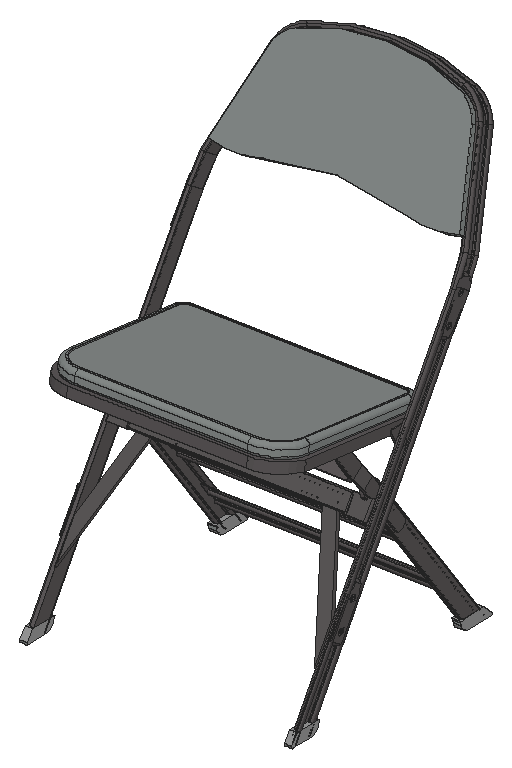
Revit family "FU_Chair_Sandler_2444USB", category Furniture, Revit 2022 (continued)
Definition of nested family "FrontFrame"
  Automatic sketch dimensions
    Extrusion 14 sketch curve to Extrusion 14 sketch curve = 9.891 mm  (x2)
    Extrusion 14 sketch curve to Extrusion 14 sketch curve = 2.042 mm  (x2)
    Extrusion 14 sketch curve to Extrusion 14 sketch curve = 6.092 mm  (x2)
    Extrusion 14 sketch curve to Extrusion 14 sketch curve = 21.319 mm
    Extrusion 14 sketch curve to Extrusion 14 sketch curve = 9.931 mm
    Extrusion 14 sketch curve to Extrusion 14 sketch curve = 1.398 mm
    Extrusion 1 sketch curve to Extrusion 1 sketch curve = 13.377 mm
    Extrusion 1 sketch curve to Extrusion 1 sketch curve = 4.601 mm
    Extrusion 2 sketch curve to Extrusion 2 sketch curve = 1.515 mm
    Extrusion 2 sketch curve to Extrusion 2 sketch curve = 5.727 mm
    Extrusion 2 sketch curve to Extrusion 2 sketch curve = 69.574 mm
    Sweep 3 sketch curve to Sweep 3 sketch curve = 410 mm
    Extrusion 6 sketch curve to Extrusion 6 sketch curve = 1.515 mm
    Extrusion 6 sketch curve to Extrusion 6 sketch curve = 5.727 mm
    Extrusion 6 sketch curve to Extrusion 6 sketch curve = 64.261 mm
    Extrusion 7 sketch curve to Extrusion 7 sketch curve = 1.835 mm
    Extrusion 8 sketch curve to Extrusion 8 sketch curve = 1.515 mm
    Extrusion 8 sketch curve to Extrusion 8 sketch curve = 5.727 mm
    Extrusion 11 sketch curve to Extrusion 11 sketch curve = 488.503 mm
    Extrusion 11 sketch curve to Extrusion 11 sketch curve = 151.589 mm
    Extrusion 11 sketch curve to Extrusion 11 sketch curve = 152.867 mm
    Extrusion 11 sketch curve to Extrusion 11 sketch curve = 140.346 mm  (x2)
    Extrusion 11 sketch curve to Extrusion 11 sketch curve = 45.182 mm
    Extrusion 11 sketch curve to Extrusion 11 sketch curve = 203.922 mm
    Extrusion 11 sketch curve to Extrusion 11 sketch curve = 221.043 mm
    Extrusion 11 sketch curve to Extrusion 11 sketch curve = 14.842 mm
    Extrusion 11 sketch curve to Extrusion 11 sketch curve = 43.697 mm
    Extrusion 11 sketch curve to Extrusion 11 sketch curve = 260.924 mm
    Extrusion 12 sketch curve to Extrusion 12 sketch curve = 6 mm
    Extrusion 12 sketch curve to Extrusion 12 sketch curve = 7.249 mm
    Extrusion 12 sketch curve to Extrusion 12 sketch curve = 13.981 mm
    Extrusion 12 sketch curve to Extrusion 12 sketch curve = 6.835 mm
    Extrusion 12 sketch curve to Extrusion 12 sketch curve = 6.987 mm
    Extrusion 12 sketch curve to Extrusion 12 sketch curve = 6.985 mm
    Extrusion 12 sketch curve to Extrusion 12 sketch curve = 7.001 mm
    Extrusion 12 sketch curve to Extrusion 12 sketch curve = 14.568 mm
    Extrusion 12 sketch curve to Extrusion 12 sketch curve = 7.599 mm
    Extrusion 12 sketch curve to Extrusion 12 sketch curve = 11.006 mm
    Extrusion 12 sketch curve to Extrusion 12 sketch curve = 50.663 mm
    Extrusion 13 sketch curve to Extrusion 13 sketch curve = 6 mm
    Extrusion 13 sketch curve to Extrusion 13 sketch curve = 7.249 mm
    Extrusion 13 sketch curve to Extrusion 13 sketch curve = 13.981 mm
    Extrusion 13 sketch curve to Extrusion 13 sketch curve = 6.835 mm
    Extrusion 13 sketch curve to Extrusion 13 sketch curve = 6.987 mm
    Extrusion 13 sketch curve to Extrusion 13 sketch curve = 6.985 mm
    Extrusion 13 sketch curve to Extrusion 13 sketch curve = 7.001 mm
    Extrusion 13 sketch curve to Extrusion 13 sketch curve = 14.568 mm
    Extrusion 13 sketch curve to Extrusion 13 sketch curve = 7.599 mm
    Extrusion 13 sketch curve to Extrusion 13 sketch curve = 51.913 mm
    Extrusion 13 sketch curve to Extrusion 13 sketch curve = 7.635 mm  (x2)
    Extrusion 14 sketch curve to Extrusion 14 sketch curve = 6 mm
    Extrusion 14 sketch curve to Extrusion 14 sketch curve = 7.249 mm
    Extrusion 14 sketch curve to Extrusion 14 sketch curve = 13.981 mm
    Extrusion 14 sketch curve to Extrusion 14 sketch curve = 6.985 mm
    Extrusion 14 sketch curve to Extrusion 14 sketch curve = 8.181 mm
    Extrusion 14 sketch curve to Extrusion 14 sketch curve = 7.749 mm
    Extrusion 14 sketch curve to Extrusion 14 sketch curve = 8.484 mm
    Extrusion 14 sketch curve to Extrusion 14 sketch curve = 14.568 mm
    Extrusion 14 sketch curve to Extrusion 14 sketch curve = 6.851 mm
    Extrusion 15 sketch curve to Extrusion 15 sketch curve = 6 mm
    Extrusion 15 sketch curve to Extrusion 15 sketch curve = 7.249 mm
    Extrusion 15 sketch curve to Extrusion 15 sketch curve = 13.981 mm
    Extrusion 15 sketch curve to Extrusion 15 sketch curve = 6.985 mm
    Extrusion 15 sketch curve to Extrusion 15 sketch curve = 7.001 mm
    Extrusion 15 sketch curve to Extrusion 15 sketch curve = 8.085 mm
    Extrusion 15 sketch curve to Extrusion 15 sketch curve = 8.862 mm
    Extrusion 15 sketch curve to Extrusion 15 sketch curve = 14.568 mm
    Extrusion 15 sketch curve to Extrusion 15 sketch curve = 14.6 mm
    Sweep 16 sketch curve to Sweep 16 sketch curve = 133.043 mm  (x2)
    Sweep 16 sketch curve to Sweep 16 sketch curve = 152.839 mm
    Sweep 16 sketch curve to Sweep 16 sketch curve = 3.116 mm
    Sweep 16 sketch curve to Sweep 16 sketch curve = 50.548 mm
    Sweep 16 sketch curve to Sweep 16 sketch curve = 50.721 mm
    Sweep 16 sketch curve to Sweep 16 sketch curve = 3.08 mm
    Sweep 16 sketch curve to Sweep 16 sketch curve = 541.957 mm
    Extrusion 17 sketch curve to Extrusion 17 sketch curve = 488.503 mm
    Extrusion 17 sketch curve to Extrusion 17 sketch curve = 151.589 mm
    Extrusion 17 sketch curve to Extrusion 17 sketch curve = 152.867 mm
    Extrusion 17 sketch curve to Extrusion 17 sketch curve = 140.346 mm
    Extrusion 17 sketch curve to Extrusion 17 sketch curve = 139.068 mm
    Extrusion 17 sketch curve to Extrusion 17 sketch curve = 45.182 mm
    Extrusion 17 sketch curve to Extrusion 17 sketch curve = 203.922 mm
    Extrusion 17 sketch curve to Extrusion 17 sketch curve = 221.043 mm
    Extrusion 17 sketch curve to Extrusion 17 sketch curve = 14.842 mm
    Extrusion 17 sketch curve to Extrusion 17 sketch curve = 43.697 mm
    Extrusion 17 sketch curve to Extrusion 17 sketch curve = 260.924 mm
    Extrusion 17 sketch curve to Extrusion 17 sketch curve = 44.811 mm
    Extrusion 20 sketch curve to Extrusion 20 sketch curve = 13.377 mm
    Extrusion 20 sketch curve to Extrusion 20 sketch curve = 4.601 mm
    Extrusion 20 sketch curve to Extrusion 20 sketch curve = 7.966 mm
    Extrusion 20 sketch curve to Extrusion 20 sketch curve = 15.108 mm
    Extrusion 21 sketch curve to Extrusion 21 sketch curve = 1.83 mm
    Extrusion 21 sketch curve to Extrusion 21 sketch curve = 1.834 mm
    Extrusion 21 sketch curve to Extrusion 21 sketch curve = 1.833 mm
    Extrusion 21 sketch curve to Extrusion 21 sketch curve = 18.636 mm
    Extrusion 21 sketch curve to Extrusion 21 sketch curve = 0.881 mm
    Extrusion 21 sketch curve to Extrusion 21 sketch curve = 5.91 mm
    Extrusion 21 sketch curve to Extrusion 21 sketch curve = 0.629 mm
    Extrusion 21 sketch curve to Extrusion 21 sketch curve = 69.574 mm
    Extrusion 21 sketch curve to Extrusion 21 sketch curve = 2.63 mm
    Extrusion 21 sketch curve to Extrusion 21 sketch curve = 17.917 mm
    Extrusion 21 sketch curve to Extrusion 21 sketch curve = 0.879 mm
    Extrusion 21 sketch curve to Extrusion 21 sketch curve = 5.842 mm
    Extrusion 21 sketch curve to Extrusion 21 sketch curve = 0.057 mm
    Extrusion 21 sketch curve to Extrusion 21 sketch curve = 19.141 mm
    Extrusion 23 sketch curve to Extrusion 23 sketch curve = 34.859 mm
    Extrusion 23 sketch curve to Extrusion 23 sketch curve = 34.879 mm
    Extrusion 24 sketch curve to Extrusion 24 sketch curve = 32.313 mm
    Extrusion 24 sketch curve to Extrusion 24 sketch curve = 34.879 mm
    Extrusion 25 sketch curve to Extrusion 25 sketch curve = 1.83 mm
    Extrusion 25 sketch curve to Extrusion 25 sketch curve = 1.834 mm
    Extrusion 25 sketch curve to Extrusion 25 sketch curve = 1.833 mm
    Extrusion 25 sketch curve to Extrusion 25 sketch curve = 1.397 mm
    Extrusion 25 sketch curve to Extrusion 25 sketch curve = 1.835 mm
    Extrusion 25 sketch curve to Extrusion 25 sketch curve = 19.141 mm
    Extrusion 25 sketch curve to Extrusion 25 sketch curve = 0.057 mm
    Extrusion 25 sketch curve to Extrusion 25 sketch curve = 4.964 mm
    Extrusion 25 sketch curve to Extrusion 25 sketch curve = 0.879 mm
    Extrusion 25 sketch curve to Extrusion 25 sketch curve = 17.917 mm
    Extrusion 25 sketch curve to Extrusion 25 sketch curve = 2.63 mm
    Extrusion 25 sketch curve to Extrusion 25 sketch curve = 64.261 mm
    Extrusion 25 sketch curve to Extrusion 25 sketch curve = 0.629 mm
    Extrusion 25 sketch curve to Extrusion 25 sketch curve = 5.657 mm
    Extrusion 25 sketch curve to Extrusion 25 sketch curve = 0.881 mm
    Extrusion 25 sketch curve to Extrusion 25 sketch curve = 18.636 mm
    Extrusion 26 sketch curve to Extrusion 26 sketch curve = 1.833 mm  (x2)
    Extrusion 26 sketch curve to Extrusion 26 sketch curve = 19.886 mm
    Extrusion 26 sketch curve to Extrusion 26 sketch curve = 1.194 mm
    Extrusion 26 sketch curve to Extrusion 26 sketch curve = 5.91 mm
    Extrusion 26 sketch curve to Extrusion 26 sketch curve = 0.941 mm
    Extrusion 26 sketch curve to Extrusion 26 sketch curve = 65.328 mm
    Extrusion 26 sketch curve to Extrusion 26 sketch curve = 23.43 mm
    Extrusion 26 sketch curve to Extrusion 26 sketch curve = 1.57 mm
    Extrusion 26 sketch curve to Extrusion 26 sketch curve = 5.683 mm
    Extrusion 26 sketch curve to Extrusion 26 sketch curve = 1.19 mm
    Extrusion 26 sketch curve to Extrusion 26 sketch curve = 19.89 mm
    Extrusion 27 sketch curve to Extrusion 27 sketch curve = 1.83 mm
    Extrusion 27 sketch curve to Extrusion 27 sketch curve = 1.834 mm
    Extrusion 27 sketch curve to Extrusion 27 sketch curve = 1.833 mm
    Extrusion 27 sketch curve to Extrusion 27 sketch curve = 1.308 mm
    Extrusion 27 sketch curve to Extrusion 27 sketch curve = 1.835 mm
    Extrusion 27 sketch curve to Extrusion 27 sketch curve = 19.141 mm
    Extrusion 27 sketch curve to Extrusion 27 sketch curve = 0.057 mm
    Extrusion 27 sketch curve to Extrusion 27 sketch curve = 4.902 mm
    Extrusion 27 sketch curve to Extrusion 27 sketch curve = 0.94 mm
    Extrusion 27 sketch curve to Extrusion 27 sketch curve = 21.667 mm
    Extrusion 27 sketch curve to Extrusion 27 sketch curve = 2.63 mm
    Extrusion 27 sketch curve to Extrusion 27 sketch curve = 64.261 mm
    Extrusion 27 sketch curve to Extrusion 27 sketch curve = 0.629 mm
    Extrusion 27 sketch curve to Extrusion 27 sketch curve = 5.657 mm
    Extrusion 27 sketch curve to Extrusion 27 sketch curve = 0.881 mm
    Extrusion 27 sketch curve to Extrusion 27 sketch curve = 18.636 mm
    Revolve 28 sketch curve to Revolve 28 sketch curve = 3.698 mm
    Revolve 28 sketch curve to Revolve 28 sketch curve = 3.089 mm
    Revolve 28 sketch curve to Revolve 28 sketch curve = 2.087 mm
    Revolve 28 sketch curve to Revolve 28 sketch curve = 3.444 mm
    Revolve 28 sketch curve to Revolve 28 sketch curve = 0 mm  (x2)
    Revolve 28 sketch curve to Revolve 28 sketch curve = 2.119 mm
    Revolve 29 sketch curve to Revolve 29 sketch curve = 3.698 mm
    Revolve 29 sketch curve to Revolve 29 sketch curve = 3.089 mm
    Revolve 29 sketch curve to Revolve 29 sketch curve = 2.087 mm
    Revolve 29 sketch curve to Revolve 29 sketch curve = 3.444 mm
    Revolve 29 sketch curve to Revolve 29 sketch curve = 0 mm  (x2)
    Revolve 29 sketch curve to Revolve 29 sketch curve = 2.119 mm
    Extrusion 30 sketch curve to Extrusion 30 sketch curve = 0 mm  (x6)
    Extrusion 30 sketch curve to Extrusion 30 sketch curve = 488.503 mm
    Extrusion 30 sketch curve to Extrusion 30 sketch curve = 151.589 mm
    Extrusion 30 sketch curve to Extrusion 30 sketch curve = 152.867 mm
    Extrusion 30 sketch curve to Extrusion 30 sketch curve = 140.346 mm
    Extrusion 30 sketch curve to Extrusion 30 sketch curve = 139.068 mm
    Extrusion 30 sketch curve to Extrusion 30 sketch curve = 15.33 mm  (x2)
    Extrusion 30 sketch curve to Extrusion 30 sketch curve = 38.129 mm  (x2)
    Extrusion 30 sketch curve to Extrusion 30 sketch curve = 1.514 mm
    Extrusion 30 sketch curve to Extrusion 30 sketch curve = 52.82 mm
    Extrusion 30 sketch curve to Extrusion 30 sketch curve = 24.558 mm
    Extrusion 31 sketch curve to Extrusion 31 sketch curve = 6 mm
    Extrusion 31 sketch curve to Extrusion 31 sketch curve = 7.249 mm
    Extrusion 31 sketch curve to Extrusion 31 sketch curve = 7.396 mm  (x2)
    Extrusion 31 sketch curve to Extrusion 31 sketch curve = 13.981 mm
    Extrusion 31 sketch curve to Extrusion 31 sketch curve = 0.748 mm  (x2)
    Extrusion 31 sketch curve to Extrusion 31 sketch curve = 6.835 mm
    Extrusion 31 sketch curve to Extrusion 31 sketch curve = 6.987 mm
    Extrusion 31 sketch curve to Extrusion 31 sketch curve = 6.985 mm
    Extrusion 31 sketch curve to Extrusion 31 sketch curve = 7.001 mm
    Extrusion 31 sketch curve to Extrusion 31 sketch curve = 14.568 mm
    Extrusion 31 sketch curve to Extrusion 31 sketch curve = 7.599 mm
    Extrusion 31 sketch curve to Extrusion 31 sketch curve = 0.585 mm
    Extrusion 31 sketch curve to Extrusion 31 sketch curve = 13.997 mm
    Extrusion 31 sketch curve to Extrusion 31 sketch curve = 2.648 mm
    Extrusion 31 sketch curve to Extrusion 31 sketch curve = 17.516 mm
    Extrusion 31 sketch curve to Extrusion 31 sketch curve = 12.484 mm
    Extrusion 31 sketch curve to Extrusion 31 sketch curve = 0 mm
    Extrusion 31 sketch curve to Extrusion 31 sketch curve = 6.092 mm  (x2)
    Extrusion 31 sketch curve to Extrusion 31 sketch curve = 2.042 mm  (x2)
    Extrusion 31 sketch curve to Extrusion 31 sketch curve = 19.856 mm
    Extrusion 31 sketch curve to Extrusion 31 sketch curve = 50.663 mm
    Extrusion 31 sketch curve to Extrusion 31 sketch curve = 8.885 mm  (x2)
    Extrusion 31 sketch curve to Extrusion 31 sketch curve = 2.121 mm  (x2)
    Extrusion 31 sketch curve to Extrusion 31 sketch curve = 4.735 mm  (x2)
    Extrusion 31 sketch curve to Extrusion 31 sketch curve = 16.172 mm
    Extrusion 31 sketch curve to Extrusion 31 sketch curve = 10.146 mm
    Extrusion 31 sketch curve to Extrusion 31 sketch curve = 6.33 mm
    Extrusion 32 sketch curve to Extrusion 32 sketch curve = 6 mm
    Extrusion 32 sketch curve to Extrusion 32 sketch curve = 7.249 mm
    Extrusion 32 sketch curve to Extrusion 32 sketch curve = 7.396 mm  (x2)
    Extrusion 32 sketch curve to Extrusion 32 sketch curve = 13.981 mm
    Extrusion 32 sketch curve to Extrusion 32 sketch curve = 0.748 mm  (x2)
    Extrusion 32 sketch curve to Extrusion 32 sketch curve = 6.835 mm
    Extrusion 32 sketch curve to Extrusion 32 sketch curve = 6.987 mm
    Extrusion 32 sketch curve to Extrusion 32 sketch curve = 6.985 mm
    Extrusion 32 sketch curve to Extrusion 32 sketch curve = 7.001 mm
    Extrusion 32 sketch curve to Extrusion 32 sketch curve = 14.568 mm
    Extrusion 32 sketch curve to Extrusion 32 sketch curve = 7.599 mm
    Extrusion 32 sketch curve to Extrusion 32 sketch curve = 0.585 mm
    Extrusion 32 sketch curve to Extrusion 32 sketch curve = 13.997 mm
    Extrusion 32 sketch curve to Extrusion 32 sketch curve = 2.648 mm
    Extrusion 32 sketch curve to Extrusion 32 sketch curve = 16.266 mm
    Extrusion 32 sketch curve to Extrusion 32 sketch curve = 13.734 mm
    Extrusion 32 sketch curve to Extrusion 32 sketch curve = 0 mm
    Extrusion 32 sketch curve to Extrusion 32 sketch curve = 6.092 mm  (x2)
    Extrusion 32 sketch curve to Extrusion 32 sketch curve = 2.042 mm  (x2)
    Extrusion 32 sketch curve to Extrusion 32 sketch curve = 19.856 mm
    Extrusion 32 sketch curve to Extrusion 32 sketch curve = 51.913 mm
    Extrusion 32 sketch curve to Extrusion 32 sketch curve = 7.635 mm  (x2)
    Extrusion 32 sketch curve to Extrusion 32 sketch curve = 2.121 mm  (x2)
    Extrusion 32 sketch curve to Extrusion 32 sketch curve = 4.735 mm  (x2)
    Extrusion 32 sketch curve to Extrusion 32 sketch curve = 16.172 mm
    Extrusion 32 sketch curve to Extrusion 32 sketch curve = 10.146 mm
    Extrusion 32 sketch curve to Extrusion 32 sketch curve = 6.33 mm
    Extrusion 33 sketch curve to Extrusion 33 sketch curve = 6 mm
    Extrusion 33 sketch curve to Extrusion 33 sketch curve = 7.249 mm
    Extrusion 33 sketch curve to Extrusion 33 sketch curve = 7.396 mm  (x2)
    Extrusion 33 sketch curve to Extrusion 33 sketch curve = 13.981 mm
    Extrusion 33 sketch curve to Extrusion 33 sketch curve = 0.748 mm  (x2)
    Extrusion 33 sketch curve to Extrusion 33 sketch curve = 6.985 mm
    Extrusion 33 sketch curve to Extrusion 33 sketch curve = 8.181 mm
    Extrusion 33 sketch curve to Extrusion 33 sketch curve = 7.749 mm
    Extrusion 33 sketch curve to Extrusion 33 sketch curve = 8.484 mm
    Extrusion 33 sketch curve to Extrusion 33 sketch curve = 14.568 mm
    Extrusion 33 sketch curve to Extrusion 33 sketch curve = 6.851 mm
    Extrusion 33 sketch curve to Extrusion 33 sketch curve = 0.585 mm
    Extrusion 33 sketch curve to Extrusion 33 sketch curve = 13.997 mm
    Extrusion 33 sketch curve to Extrusion 33 sketch curve = 1.398 mm
    Extrusion 33 sketch curve to Extrusion 33 sketch curve = 9.931 mm
    Extrusion 33 sketch curve to Extrusion 33 sketch curve = 21.319 mm
    Extrusion 33 sketch curve to Extrusion 33 sketch curve = 0 mm
    Extrusion 33 sketch curve to Extrusion 33 sketch curve = 6.092 mm  (x2)
    Extrusion 33 sketch curve to Extrusion 33 sketch curve = 2.042 mm  (x2)
    Extrusion 33 sketch curve to Extrusion 33 sketch curve = 11.933 mm
    Extrusion 33 sketch curve to Extrusion 33 sketch curve = 51.007 mm
    Extrusion 33 sketch curve to Extrusion 33 sketch curve = 16.465 mm  (x2)
    Extrusion 33 sketch curve to Extrusion 33 sketch curve = 2.121 mm  (x2)
    Extrusion 33 sketch curve to Extrusion 33 sketch curve = 4.735 mm  (x2)
    Extrusion 33 sketch curve to Extrusion 33 sketch curve = 8.575 mm
    Extrusion 33 sketch curve to Extrusion 33 sketch curve = 11.492 mm
    Extrusion 33 sketch curve to Extrusion 33 sketch curve = 12.58 mm
    Extrusion 34 sketch curve to Extrusion 34 sketch curve = 6 mm
    Extrusion 34 sketch curve to Extrusion 34 sketch curve = 7.249 mm
    Extrusion 34 sketch curve to Extrusion 34 sketch curve = 7.396 mm  (x2)
    Extrusion 34 sketch curve to Extrusion 34 sketch curve = 13.981 mm
    Extrusion 34 sketch curve to Extrusion 34 sketch curve = 0.748 mm  (x2)
    Extrusion 34 sketch curve to Extrusion 34 sketch curve = 6.985 mm
    Extrusion 34 sketch curve to Extrusion 34 sketch curve = 7.001 mm
    Extrusion 34 sketch curve to Extrusion 34 sketch curve = 8.085 mm
    Extrusion 34 sketch curve to Extrusion 34 sketch curve = 8.862 mm
    Extrusion 34 sketch curve to Extrusion 34 sketch curve = 14.568 mm
    Extrusion 34 sketch curve to Extrusion 34 sketch curve = 14.6 mm
    Extrusion 34 sketch curve to Extrusion 34 sketch curve = 0.585 mm
    Extrusion 34 sketch curve to Extrusion 34 sketch curve = 13.997 mm
    Extrusion 34 sketch curve to Extrusion 34 sketch curve = 2.648 mm
    Extrusion 34 sketch curve to Extrusion 34 sketch curve = 8.766 mm
    Extrusion 34 sketch curve to Extrusion 34 sketch curve = 21.234 mm
    Extrusion 34 sketch curve to Extrusion 34 sketch curve = 0 mm
    Extrusion 34 sketch curve to Extrusion 34 sketch curve = 6.092 mm  (x2)
    Extrusion 34 sketch curve to Extrusion 34 sketch curve = 2.042 mm  (x2)
    Extrusion 34 sketch curve to Extrusion 34 sketch curve = 12.356 mm
    Extrusion 34 sketch curve to Extrusion 34 sketch curve = 50.663 mm
    Extrusion 34 sketch curve to Extrusion 34 sketch curve = 16.385 mm  (x2)
    Extrusion 34 sketch curve to Extrusion 34 sketch curve = 2.121 mm  (x2)
    Extrusion 34 sketch curve to Extrusion 34 sketch curve = 4.735 mm  (x2)
    Extrusion 34 sketch curve to Extrusion 34 sketch curve = 9.297 mm
    Extrusion 34 sketch curve to Extrusion 34 sketch curve = 17.021 mm
    Extrusion 34 sketch curve to Extrusion 34 sketch curve = 6.33 mm
    Sweep 35 sketch curve to Sweep 35 sketch curve = 133.043 mm  (x2)
    Sweep 35 sketch curve to Sweep 35 sketch curve = 52.193 mm
    Sweep 35 sketch curve to Sweep 35 sketch curve = 52.805 mm
    Sweep 35 sketch curve to Sweep 35 sketch curve = 152.839 mm
    Sweep 35 sketch curve to Sweep 35 sketch curve = 153.452 mm
    Sweep 35 sketch curve to Sweep 35 sketch curve = 26.494 mm  (x2)
    Sweep 35 sketch curve to Sweep 35 sketch curve = 63.864 mm  (x2)
    Sweep 35 sketch curve to Sweep 35 sketch curve = 566.957 mm
    Sweep 35 sketch curve to Sweep 35 sketch curve = 0 mm  (x2)
    Extrusion 36 sketch curve to Extrusion 36 sketch curve = 0 mm  (x6)
    Extrusion 36 sketch curve to Extrusion 36 sketch curve = 488.503 mm
    Extrusion 36 sketch curve to Extrusion 36 sketch curve = 151.589 mm
    Extrusion 36 sketch curve to Extrusion 36 sketch curve = 152.867 mm
    Extrusion 36 sketch curve to Extrusion 36 sketch curve = 140.346 mm
    Extrusion 36 sketch curve to Extrusion 36 sketch curve = 139.068 mm
    Extrusion 36 sketch curve to Extrusion 36 sketch curve = 15.33 mm  (x2)
    Extrusion 36 sketch curve to Extrusion 36 sketch curve = 38.129 mm  (x2)
    Extrusion 36 sketch curve to Extrusion 36 sketch curve = 1.514 mm
    Extrusion 36 sketch curve to Extrusion 36 sketch curve = 52.82 mm
    Extrusion 36 sketch curve to Extrusion 36 sketch curve = 24.558 mm
    Extrusion 37 sketch curve to Extrusion 37 sketch curve = 80 mm
    Extrusion 38 sketch curve to Extrusion 38 sketch curve = 80 mm
    Extrusion 21 sketch curve to Extrusion 21 sketch curve = 0.492 mm
    Extrusion 21 sketch curve to Extrusion 21 sketch curve = 1.515 mm
    Extrusion 21 sketch curve to Extrusion 21 sketch curve = 5.727 mm
    Extrusion 21 sketch curve to Extrusion 21 sketch curve = 1.397 mm
    Extrusion 21 sketch curve to Extrusion 21 sketch curve = 1.835 mm
    Sweep 22 sketch curve to Sweep 22 sketch curve = 410 mm
    Extrusion 25 sketch curve to Extrusion 25 sketch curve = 0.492 mm
    Extrusion 25 sketch curve to Extrusion 25 sketch curve = 1.515 mm
    Extrusion 25 sketch curve to Extrusion 25 sketch curve = 5.727 mm
    Extrusion 26 sketch curve to Extrusion 26 sketch curve = 0 mm
    Extrusion 26 sketch curve to Extrusion 26 sketch curve = 5.408 mm
    Extrusion 26 sketch curve to Extrusion 26 sketch curve = 1.835 mm
    Extrusion 27 sketch curve to Extrusion 27 sketch curve = 0.492 mm
    Extrusion 27 sketch curve to Extrusion 27 sketch curve = 1.515 mm
    Extrusion 27 sketch curve to Extrusion 27 sketch curve = 5.727 mm
    Extrusion 30 sketch curve to Extrusion 30 sketch curve = 45.182 mm
    Extrusion 30 sketch curve to Extrusion 30 sketch curve = 203.922 mm
    Extrusion 30 sketch curve to Extrusion 30 sketch curve = 221.043 mm
    Extrusion 30 sketch curve to Extrusion 30 sketch curve = 14.842 mm
    Extrusion 30 sketch curve to Extrusion 30 sketch curve = 43.697 mm
    Extrusion 30 sketch curve to Extrusion 30 sketch curve = 260.924 mm
    Extrusion 30 sketch curve to Extrusion 30 sketch curve = 45.919 mm
    Extrusion 30 sketch curve to Extrusion 30 sketch curve = 44.811 mm
    Sweep 35 sketch curve to Sweep 35 sketch curve = 3.116 mm
    Sweep 35 sketch curve to Sweep 35 sketch curve = 50.548 mm
    Sweep 35 sketch curve to Sweep 35 sketch curve = 236.172 mm
    Sweep 35 sketch curve to Sweep 35 sketch curve = 237.286 mm
    Sweep 35 sketch curve to Sweep 35 sketch curve = 50.721 mm
    Sweep 35 sketch curve to Sweep 35 sketch curve = 3.08 mm
    Extrusion 36 sketch curve to Extrusion 36 sketch curve = 45.182 mm
    Extrusion 36 sketch curve to Extrusion 36 sketch curve = 203.922 mm
    Extrusion 36 sketch curve to Extrusion 36 sketch curve = 221.043 mm
    Extrusion 36 sketch curve to Extrusion 36 sketch curve = 14.842 mm
    Extrusion 36 sketch curve to Extrusion 36 sketch curve = 43.697 mm
    Extrusion 36 sketch curve to Extrusion 36 sketch curve = 260.924 mm
    Extrusion 36 sketch curve to Extrusion 36 sketch curve = 45.919 mm
    Extrusion 36 sketch curve to Extrusion 36 sketch curve = 44.811 mm
    Extrusion 37 sketch curve to Extrusion 37 sketch curve = 30 mm
    Extrusion 38 sketch curve to Extrusion 38 sketch curve = 30 mm
    Extrusion 18 sketch curve to level = 0 mm
    Extrusion 18 sketch curve to plane 7 "Front" = 10.54 mm
    Extrusion 18 sketch curve to level = 30 mm
    plane 7 "Front" to Extrusion 18 sketch curve = 69.46 mm
    Extrusion 19 sketch curve to level = 0 mm
    Extrusion 19 sketch curve to plane 7 "Front" = 10.54 mm
    Extrusion 19 sketch curve to level = 30 mm
    plane 7 "Front" to Extrusion 19 sketch curve = 69.46 mm
    plane 5 "Left" to Extrusion 39 sketch curve = 11.632 mm
    plane 5 "Left" to Extrusion 39 sketch curve = 10.294 mm
    plane 5 "Left" to Extrusion 39 sketch curve = 9.974 mm
    Extrusion 39 sketch curve to Extrusion 39 sketch curve = 1.83 mm
    Extrusion 39 sketch curve to Extrusion 39 sketch curve = 1.834 mm
    Extrusion 39 sketch curve to Extrusion 39 sketch curve = 1.833 mm
    plane 5 "Left" to Extrusion 39 sketch curve = 2.733 mm
    plane 5 "Left" to Extrusion 39 sketch curve = 1.336 mm
    plane 5 "Left" to Extrusion 39 sketch curve = 0.898 mm
    Extrusion 39 sketch curve to Extrusion 39 sketch curve = 18.636 mm
    Extrusion 39 sketch curve to Extrusion 39 sketch curve = 0.881 mm
    Extrusion 39 sketch curve to Extrusion 39 sketch curve = 5.91 mm
    Extrusion 39 sketch curve to Extrusion 39 sketch curve = 0.629 mm
    Extrusion 39 sketch curve to Extrusion 39 sketch curve = 69.574 mm
    Extrusion 39 sketch curve to Extrusion 39 sketch curve = 2.63 mm
    Extrusion 39 sketch curve to Extrusion 39 sketch curve = 17.917 mm
    Extrusion 39 sketch curve to Extrusion 39 sketch curve = 0.879 mm
    Extrusion 39 sketch curve to Extrusion 39 sketch curve = 5.842 mm
    Extrusion 39 sketch curve to Extrusion 39 sketch curve = 0.057 mm
    Extrusion 39 sketch curve to Extrusion 39 sketch curve = 19.141 mm
    Extrusion 40 sketch curve to plane 4 "Right" = 17.405 mm
    Extrusion 40 sketch curve to plane 4 "Right" = 16.067 mm
    Extrusion 40 sketch curve to plane 4 "Right" = 15.747 mm
    Extrusion 40 sketch curve to Extrusion 40 sketch curve = 1.83 mm
    Extrusion 40 sketch curve to Extrusion 40 sketch curve = 1.834 mm
    Extrusion 40 sketch curve to Extrusion 40 sketch curve = 1.833 mm
    Extrusion 40 sketch curve to plane 4 "Right" = 8.506 mm
    Extrusion 40 sketch curve to Extrusion 40 sketch curve = 1.397 mm
    Extrusion 40 sketch curve to Extrusion 40 sketch curve = 1.835 mm
    Extrusion 40 sketch curve to Extrusion 40 sketch curve = 19.141 mm
    Extrusion 40 sketch curve to Extrusion 40 sketch curve = 0.057 mm
    Extrusion 40 sketch curve to Extrusion 40 sketch curve = 4.964 mm
    Extrusion 40 sketch curve to Extrusion 40 sketch curve = 0.879 mm
    Extrusion 40 sketch curve to Extrusion 40 sketch curve = 17.917 mm
    Extrusion 40 sketch curve to Extrusion 40 sketch curve = 2.63 mm
    Extrusion 40 sketch curve to Extrusion 40 sketch curve = 64.261 mm
    Extrusion 40 sketch curve to Extrusion 40 sketch curve = 0.629 mm
    Extrusion 40 sketch curve to Extrusion 40 sketch curve = 5.657 mm
    Extrusion 40 sketch curve to Extrusion 40 sketch curve = 0.881 mm
    Extrusion 40 sketch curve to Extrusion 40 sketch curve = 18.636 mm
    plane 5 "Left" to Extrusion 41 sketch curve = 10.055 mm  (x2)
    Extrusion 41 sketch curve to Extrusion 41 sketch curve = 1.833 mm  (x2)
    plane 5 "Left" to Extrusion 41 sketch curve = 2.813 mm
    plane 5 "Left" to Extrusion 41 sketch curve = 0.979 mm
    Extrusion 41 sketch curve to Extrusion 41 sketch curve = 19.886 mm
    Extrusion 41 sketch curve to Extrusion 41 sketch curve = 1.194 mm
    Extrusion 41 sketch curve to Extrusion 41 sketch curve = 5.91 mm
    Extrusion 41 sketch curve to Extrusion 41 sketch curve = 0.941 mm
    Extrusion 41 sketch curve to Extrusion 41 sketch curve = 65.328 mm
    Extrusion 41 sketch curve to Extrusion 41 sketch curve = 23.43 mm
    Extrusion 41 sketch curve to Extrusion 41 sketch curve = 1.57 mm
    Extrusion 41 sketch curve to Extrusion 41 sketch curve = 5.683 mm
    Extrusion 41 sketch curve to Extrusion 41 sketch curve = 1.19 mm
    Extrusion 41 sketch curve to Extrusion 41 sketch curve = 19.89 mm
    Extrusion 42 sketch curve to plane 4 "Right" = 15.625 mm
    Extrusion 42 sketch curve to plane 4 "Right" = 14.287 mm
    Extrusion 42 sketch curve to plane 4 "Right" = 13.967 mm
    Extrusion 42 sketch curve to Extrusion 42 sketch curve = 1.83 mm
    Extrusion 42 sketch curve to Extrusion 42 sketch curve = 1.834 mm
    Extrusion 42 sketch curve to Extrusion 42 sketch curve = 1.833 mm
    Extrusion 42 sketch curve to plane 4 "Right" = 6.726 mm
    Extrusion 42 sketch curve to Extrusion 42 sketch curve = 1.308 mm
    Extrusion 42 sketch curve to Extrusion 42 sketch curve = 1.835 mm
    Extrusion 42 sketch curve to Extrusion 42 sketch curve = 19.141 mm
    Extrusion 42 sketch curve to Extrusion 42 sketch curve = 0.057 mm
    Extrusion 42 sketch curve to Extrusion 42 sketch curve = 4.902 mm
    Extrusion 42 sketch curve to Extrusion 42 sketch curve = 0.94 mm
    Extrusion 42 sketch curve to Extrusion 42 sketch curve = 21.667 mm
    Extrusion 42 sketch curve to Extrusion 42 sketch curve = 2.63 mm
    Extrusion 42 sketch curve to Extrusion 42 sketch curve = 64.261 mm
    Extrusion 42 sketch curve to Extrusion 42 sketch curve = 0.629 mm
    Extrusion 42 sketch curve to Extrusion 42 sketch curve = 5.657 mm
    Extrusion 42 sketch curve to Extrusion 42 sketch curve = 0.881 mm
    Extrusion 42 sketch curve to Extrusion 42 sketch curve = 18.636 mm
    Revolve 43 sketch curve to plane 4 "Right" = 0.228 mm
    Revolve 43 sketch curve to Revolve 43 sketch curve = 3.698 mm
    Revolve 43 sketch curve to Revolve 43 sketch curve = 3.089 mm
    Revolve 43 sketch curve to Revolve 43 sketch curve = 2.087 mm
    Revolve 43 sketch curve to Revolve 43 sketch curve = 3.444 mm
    Revolve 43 sketch curve to Revolve 43 sketch curve = 0 mm  (x2)
    Revolve 43 sketch curve to Revolve 43 sketch curve = 2.119 mm
    Revolve 44 sketch curve to plane 4 "Right" = 1.973 mm
    Revolve 44 sketch curve to Revolve 44 sketch curve = 3.698 mm
    Revolve 44 sketch curve to Revolve 44 sketch curve = 3.089 mm
    Revolve 44 sketch curve to Revolve 44 sketch curve = 2.087 mm
    Revolve 44 sketch curve to Revolve 44 sketch curve = 3.444 mm
    Revolve 44 sketch curve to Revolve 44 sketch curve = 0 mm  (x2)
    Revolve 44 sketch curve to Revolve 44 sketch curve = 2.119 mm
    Extrusion 45 sketch curve to plane 3 "Center (Left/Right)" = 0 mm
    plane 3 "Center (Left/Right)" to Extrusion 45 sketch curve = 21.849 mm
    Extrusion 45 sketch curve to plane 3 "Center (Left/Right)" = 21.849 mm
    Extrusion 45 sketch curve to Extrusion 45 sketch curve = 0 mm  (x5)
    Extrusion 45 sketch curve to plane 3 "Center (Left/Right)" = 4.727 mm
    Extrusion 45 sketch curve to Extrusion 45 sketch curve = 488.503 mm
    Extrusion 45 sketch curve to plane 4 "Right" = 24.229 mm
    Extrusion 45 sketch curve to Extrusion 45 sketch curve = 151.589 mm
    plane 5 "Left" to Extrusion 45 sketch curve = 19.213 mm
    Extrusion 45 sketch curve to Extrusion 45 sketch curve = 152.867 mm
    Extrusion 45 sketch curve to Extrusion 45 sketch curve = 140.346 mm
    plane 5 "Left" to Extrusion 45 sketch curve = 116.844 mm
    Extrusion 45 sketch curve to Extrusion 45 sketch curve = 139.068 mm
    plane 5 "Left" to Extrusion 45 sketch curve = 64.024 mm
    Extrusion 45 sketch curve to Extrusion 45 sketch curve = 15.33 mm  (x2)
    Extrusion 45 sketch curve to plane 4 "Right" = 69.412 mm
    Extrusion 45 sketch curve to Extrusion 45 sketch curve = 38.129 mm  (x2)
    Extrusion 45 sketch curve to Extrusion 45 sketch curve = 1.514 mm
    Extrusion 45 sketch curve to Extrusion 45 sketch curve = 52.82 mm
    plane 3 "Center (Left/Right)" to Extrusion 45 sketch curve = 10.115 mm
    Extrusion 45 sketch curve to Extrusion 45 sketch curve = 24.558 mm
    plane 10 "FF C RIGHT" to Extrusion 46 sketch curve = 21.244 mm
    plane 9 to Extrusion 46 sketch curve = 24.219 mm
    Extrusion 46 sketch curve to Extrusion 46 sketch curve = 6 mm
    Extrusion 46 sketch curve to Extrusion 46 sketch curve = 7.249 mm
    Extrusion 46 sketch curve to Extrusion 46 sketch curve = 7.396 mm  (x2)
    Extrusion 46 sketch curve to Extrusion 46 sketch curve = 13.981 mm
    Extrusion 46 sketch curve to Extrusion 46 sketch curve = 0.748 mm  (x2)
    Extrusion 46 sketch curve to Extrusion 46 sketch curve = 6.835 mm
    Extrusion 46 sketch curve to Extrusion 46 sketch curve = 6.987 mm
    Extrusion 46 sketch curve to Extrusion 46 sketch curve = 6.985 mm
    Extrusion 46 sketch curve to Extrusion 46 sketch curve = 7.001 mm
    Extrusion 46 sketch curve to Extrusion 46 sketch curve = 14.568 mm
    Extrusion 46 sketch curve to Extrusion 46 sketch curve = 7.599 mm
    Extrusion 46 sketch curve to Extrusion 46 sketch curve = 0.585 mm
    Extrusion 46 sketch curve to Extrusion 46 sketch curve = 13.997 mm
    Extrusion 46 sketch curve to Extrusion 46 sketch curve = 2.648 mm
    Extrusion 46 sketch curve to Extrusion 46 sketch curve = 17.516 mm
    Extrusion 46 sketch curve to Extrusion 46 sketch curve = 12.484 mm
    Extrusion 46 sketch curve to Extrusion 46 sketch curve = 0 mm
    Extrusion 46 sketch curve to Extrusion 46 sketch curve = 6.092 mm  (x2)
    Extrusion 46 sketch curve to Extrusion 46 sketch curve = 2.042 mm  (x2)
    Extrusion 46 sketch curve to Extrusion 46 sketch curve = 19.856 mm
    Extrusion 46 sketch curve to Extrusion 46 sketch curve = 50.663 mm
    Extrusion 46 sketch curve to Extrusion 46 sketch curve = 8.885 mm  (x2)
    Extrusion 46 sketch curve to Extrusion 46 sketch curve = 2.121 mm  (x2)
    Extrusion 46 sketch curve to Extrusion 46 sketch curve = 4.735 mm  (x2)
    Extrusion 46 sketch curve to Extrusion 46 sketch curve = 16.172 mm
    Extrusion 46 sketch curve to Extrusion 46 sketch curve = 10.146 mm
    Extrusion 46 sketch curve to Extrusion 46 sketch curve = 6.33 mm
    plane 10 "FF C RIGHT" to Extrusion 47 sketch curve = 21.244 mm
    plane 9 to Extrusion 47 sketch curve = 24.042 mm
    Extrusion 47 sketch curve to Extrusion 47 sketch curve = 6 mm
    Extrusion 47 sketch curve to Extrusion 47 sketch curve = 7.249 mm
    Extrusion 47 sketch curve to Extrusion 47 sketch curve = 7.396 mm  (x2)
    Extrusion 47 sketch curve to Extrusion 47 sketch curve = 13.981 mm
    Extrusion 47 sketch curve to Extrusion 47 sketch curve = 0.748 mm  (x2)
    Extrusion 47 sketch curve to Extrusion 47 sketch curve = 6.835 mm
    Extrusion 47 sketch curve to Extrusion 47 sketch curve = 6.987 mm
    Extrusion 47 sketch curve to Extrusion 47 sketch curve = 6.985 mm
    Extrusion 47 sketch curve to Extrusion 47 sketch curve = 7.001 mm
    Extrusion 47 sketch curve to Extrusion 47 sketch curve = 14.568 mm
    Extrusion 47 sketch curve to Extrusion 47 sketch curve = 7.599 mm
    Extrusion 47 sketch curve to Extrusion 47 sketch curve = 0.585 mm
    Extrusion 47 sketch curve to Extrusion 47 sketch curve = 13.997 mm
    Extrusion 47 sketch curve to Extrusion 47 sketch curve = 2.648 mm
    Extrusion 47 sketch curve to Extrusion 47 sketch curve = 16.266 mm
    Extrusion 47 sketch curve to Extrusion 47 sketch curve = 13.734 mm
    Extrusion 47 sketch curve to Extrusion 47 sketch curve = 0 mm
    Extrusion 47 sketch curve to Extrusion 47 sketch curve = 6.092 mm  (x2)
    Extrusion 47 sketch curve to Extrusion 47 sketch curve = 2.042 mm  (x2)
    Extrusion 47 sketch curve to Extrusion 47 sketch curve = 19.856 mm
    Extrusion 47 sketch curve to Extrusion 47 sketch curve = 51.913 mm
    Extrusion 47 sketch curve to Extrusion 47 sketch curve = 7.635 mm  (x2)
    Extrusion 47 sketch curve to Extrusion 47 sketch curve = 2.121 mm  (x2)
    Extrusion 47 sketch curve to Extrusion 47 sketch curve = 4.735 mm  (x2)
    Extrusion 47 sketch curve to Extrusion 47 sketch curve = 16.172 mm
    Extrusion 47 sketch curve to Extrusion 47 sketch curve = 10.146 mm
    Extrusion 47 sketch curve to Extrusion 47 sketch curve = 6.33 mm
    plane 10 "FF C RIGHT" to Extrusion 48 sketch curve = 21.686 mm
    plane 1 "Center (Front/Back)" to Extrusion 48 sketch curve = 141.408 mm
    Extrusion 48 sketch curve to Extrusion 48 sketch curve = 6 mm
    Extrusion 48 sketch curve to Extrusion 48 sketch curve = 7.249 mm
    Extrusion 48 sketch curve to Extrusion 48 sketch curve = 7.396 mm  (x2)
    Extrusion 48 sketch curve to Extrusion 48 sketch curve = 13.981 mm
    Extrusion 48 sketch curve to Extrusion 48 sketch curve = 0.748 mm  (x2)
    Extrusion 48 sketch curve to Extrusion 48 sketch curve = 6.985 mm
    Extrusion 48 sketch curve to Extrusion 48 sketch curve = 8.181 mm
    Extrusion 48 sketch curve to Extrusion 48 sketch curve = 7.749 mm
    Extrusion 48 sketch curve to Extrusion 48 sketch curve = 8.484 mm
    Extrusion 48 sketch curve to Extrusion 48 sketch curve = 14.568 mm
    Extrusion 48 sketch curve to Extrusion 48 sketch curve = 6.851 mm
    Extrusion 48 sketch curve to Extrusion 48 sketch curve = 0.585 mm
    Extrusion 48 sketch curve to Extrusion 48 sketch curve = 13.997 mm
    Extrusion 48 sketch curve to Extrusion 48 sketch curve = 1.398 mm
    Extrusion 48 sketch curve to Extrusion 48 sketch curve = 9.931 mm
    Extrusion 48 sketch curve to Extrusion 48 sketch curve = 21.319 mm
    Extrusion 48 sketch curve to Extrusion 48 sketch curve = 0 mm
    Extrusion 48 sketch curve to Extrusion 48 sketch curve = 6.092 mm  (x2)
    Extrusion 48 sketch curve to Extrusion 48 sketch curve = 2.042 mm  (x2)
    Extrusion 48 sketch curve to Extrusion 48 sketch curve = 11.933 mm
    Extrusion 48 sketch curve to Extrusion 48 sketch curve = 51.007 mm
    Extrusion 48 sketch curve to Extrusion 48 sketch curve = 16.465 mm  (x2)
    Extrusion 48 sketch curve to Extrusion 48 sketch curve = 2.121 mm  (x2)
    Extrusion 48 sketch curve to Extrusion 48 sketch curve = 4.735 mm  (x2)
    Extrusion 48 sketch curve to Extrusion 48 sketch curve = 8.575 mm
    Extrusion 48 sketch curve to Extrusion 48 sketch curve = 11.492 mm
    Extrusion 48 sketch curve to Extrusion 48 sketch curve = 12.58 mm
    plane 10 "FF C RIGHT" to Extrusion 49 sketch curve = 21.686 mm
    plane 1 "Center (Front/Back)" to Extrusion 49 sketch curve = 141.421 mm
    Extrusion 49 sketch curve to Extrusion 49 sketch curve = 6 mm
    Extrusion 49 sketch curve to Extrusion 49 sketch curve = 7.249 mm
    Extrusion 49 sketch curve to Extrusion 49 sketch curve = 7.396 mm  (x2)
    Extrusion 49 sketch curve to Extrusion 49 sketch curve = 13.981 mm
    Extrusion 49 sketch curve to Extrusion 49 sketch curve = 0.748 mm  (x2)
    Extrusion 49 sketch curve to Extrusion 49 sketch curve = 6.985 mm
    Extrusion 49 sketch curve to Extrusion 49 sketch curve = 7.001 mm
    Extrusion 49 sketch curve to Extrusion 49 sketch curve = 8.085 mm
    Extrusion 49 sketch curve to Extrusion 49 sketch curve = 8.862 mm
    Extrusion 49 sketch curve to Extrusion 49 sketch curve = 14.568 mm
    Extrusion 49 sketch curve to Extrusion 49 sketch curve = 14.6 mm
    Extrusion 49 sketch curve to Extrusion 49 sketch curve = 0.585 mm
    Extrusion 49 sketch curve to Extrusion 49 sketch curve = 13.997 mm
    Extrusion 49 sketch curve to Extrusion 49 sketch curve = 2.648 mm
    Extrusion 49 sketch curve to Extrusion 49 sketch curve = 8.766 mm
    Extrusion 49 sketch curve to Extrusion 49 sketch curve = 21.234 mm
    Extrusion 49 sketch curve to Extrusion 49 sketch curve = 0 mm
    Extrusion 49 sketch curve to Extrusion 49 sketch curve = 6.092 mm  (x2)
    Extrusion 49 sketch curve to Extrusion 49 sketch curve = 2.042 mm  (x2)
    Extrusion 49 sketch curve to Extrusion 49 sketch curve = 12.356 mm
    Extrusion 49 sketch curve to Extrusion 49 sketch curve = 50.663 mm
    Extrusion 49 sketch curve to Extrusion 49 sketch curve = 16.385 mm  (x2)
    Extrusion 49 sketch curve to Extrusion 49 sketch curve = 2.121 mm  (x2)
    Extrusion 49 sketch curve to Extrusion 49 sketch curve = 4.735 mm  (x2)
    Extrusion 49 sketch curve to Extrusion 49 sketch curve = 9.297 mm
    Extrusion 49 sketch curve to Extrusion 49 sketch curve = 17.021 mm
    Extrusion 49 sketch curve to Extrusion 49 sketch curve = 6.33 mm
    plane 3 "Center (Left/Right)" to Sweep 50 sketch curve = 3.037 mm
    plane 5 "Left" to Sweep 50 sketch curve = 10.654 mm
    Sweep 50 sketch curve to Sweep 50 sketch curve = 133.043 mm  (x2)
    Sweep 50 sketch curve to plane 4 "Right" = 16.866 mm
    plane 5 "Left" to Sweep 50 sketch curve = 13.735 mm
    Sweep 50 sketch curve to Sweep 50 sketch curve = 52.193 mm
    Sweep 50 sketch curve to plane 4 "Right" = 19.982 mm
    Sweep 50 sketch curve to Sweep 50 sketch curve = 52.805 mm
    Sweep 50 sketch curve to Sweep 50 sketch curve = 152.839 mm
    Sweep 50 sketch curve to Sweep 50 sketch curve = 153.452 mm
    plane 5 "Left" to Sweep 50 sketch curve = 64.455 mm
    Sweep 50 sketch curve to Sweep 50 sketch curve = 26.494 mm  (x2)
    Sweep 50 sketch curve to plane 4 "Right" = 70.53 mm
    Sweep 50 sketch curve to Sweep 50 sketch curve = 63.864 mm  (x2)
    Sweep 50 sketch curve to Sweep 50 sketch curve = 566.957 mm
    Sweep 50 sketch curve to Sweep 50 sketch curve = 0 mm  (x2)
    Extrusion 51 sketch curve to plane 3 "Center (Left/Right)" = 0 mm
    plane 3 "Center (Left/Right)" to Extrusion 51 sketch curve = 21.849 mm
    Extrusion 51 sketch curve to plane 3 "Center (Left/Right)" = 21.849 mm
    Extrusion 51 sketch curve to Extrusion 51 sketch curve = 0 mm  (x5)
    Extrusion 51 sketch curve to plane 3 "Center (Left/Right)" = 4.727 mm
    Extrusion 51 sketch curve to Extrusion 51 sketch curve = 488.503 mm
    Extrusion 51 sketch curve to plane 4 "Right" = 24.229 mm
    Extrusion 51 sketch curve to Extrusion 51 sketch curve = 151.589 mm
    plane 5 "Left" to Extrusion 51 sketch curve = 19.213 mm
    Extrusion 51 sketch curve to Extrusion 51 sketch curve = 152.867 mm
    Extrusion 51 sketch curve to Extrusion 51 sketch curve = 140.346 mm
    plane 5 "Left" to Extrusion 51 sketch curve = 116.844 mm
    Extrusion 51 sketch curve to Extrusion 51 sketch curve = 139.068 mm
    plane 5 "Left" to Extrusion 51 sketch curve = 64.024 mm
    Extrusion 51 sketch curve to Extrusion 51 sketch curve = 15.33 mm  (x2)
    Extrusion 51 sketch curve to plane 4 "Right" = 69.412 mm
    Extrusion 51 sketch curve to Extrusion 51 sketch curve = 38.129 mm  (x2)
    Extrusion 51 sketch curve to Extrusion 51 sketch curve = 1.514 mm
    Extrusion 51 sketch curve to Extrusion 51 sketch curve = 52.82 mm
    plane 3 "Center (Left/Right)" to Extrusion 51 sketch curve = 10.115 mm
    Extrusion 51 sketch curve to Extrusion 51 sketch curve = 24.558 mm
    Sweep 52 sketch curve to plane 4 "Right" = 53 mm
    plane 5 "Left" to Sweep 52 sketch curve = 47 mm
    Extrusion 53 sketch curve to plane 4 "Right" = 15.379 mm
    Extrusion 53 sketch curve to Extrusion 53 sketch curve = 2.946 mm
    Extrusion 53 sketch curve to Extrusion 53 sketch curve = 3.015 mm
    Extrusion 53 sketch curve to Extrusion 53 sketch curve = 35.447 mm
    Extrusion 53 sketch curve to Extrusion 53 sketch curve = 2.059 mm
    Extrusion 53 sketch curve to Extrusion 53 sketch curve = 23.132 mm
    Extrusion 54 sketch curve to plane 4 "Right" = 16.735 mm
    Extrusion 54 sketch curve to plane 4 "Right" = 74.392 mm
    Extrusion 54 sketch curve to Extrusion 54 sketch curve = 11.042 mm
    Extrusion 54 sketch curve to Extrusion 54 sketch curve = 12.178 mm
    Extrusion 54 sketch curve to Extrusion 54 sketch curve = 72.863 mm
    Extrusion 54 sketch curve to Extrusion 54 sketch curve = 151.807 mm
    Extrusion 54 sketch curve to Extrusion 54 sketch curve = 1.822 mm
    plane 5 "Left" to Extrusion 55 sketch curve = 10.62 mm
    plane 5 "Left" to Extrusion 55 sketch curve = 68.277 mm
    Extrusion 55 sketch curve to Extrusion 55 sketch curve = 11.042 mm
    Extrusion 55 sketch curve to Extrusion 55 sketch curve = 12.178 mm
    Extrusion 55 sketch curve to Extrusion 55 sketch curve = 1.822 mm
    Extrusion 55 sketch curve to Extrusion 55 sketch curve = 154.164 mm
    Extrusion 55 sketch curve to Extrusion 55 sketch curve = 72.863 mm
    plane 5 "Left" to Extrusion 56 sketch curve = 99.102 mm
    plane 5 "Left" to Extrusion 56 sketch curve = 39.102 mm
    Extrusion 56 sketch curve to Extrusion 56 sketch curve = 25.205 mm
    Extrusion 57 sketch curve to plane 3 "Center (Left/Right)" = 144.607 mm
    Extrusion 57 sketch curve to Extrusion 57 sketch curve = 60 mm
    Extrusion 57 sketch curve to Extrusion 57 sketch curve = 25.205 mm
    plane 5 "Left" to Extrusion 58 sketch curve = 10.379 mm
    Extrusion 58 sketch curve to Extrusion 58 sketch curve = 2.946 mm
    Extrusion 58 sketch curve to Extrusion 58 sketch curve = 3.015 mm
    Extrusion 58 sketch curve to Extrusion 58 sketch curve = 35.447 mm
    Extrusion 58 sketch curve to Extrusion 58 sketch curve = 23.132 mm
    Extrusion 58 sketch curve to Extrusion 58 sketch curve = 2.059 mm
    radius of Extrusion 12 sketch curve = 3.653 mm  (x2)
    radius of Extrusion 12 sketch curve = 6.946 mm  (x2)
    radius of Extrusion 13 sketch curve = 3.653 mm  (x2)
    radius of Extrusion 13 sketch curve = 6.946 mm  (x2)
    radius of Extrusion 15 sketch curve = 3.653 mm  (x2)
    radius of Extrusion 15 sketch curve = 6.946 mm  (x2)
    radius of Extrusion 14 sketch curve = 3.653 mm  (x2)
    radius of Extrusion 14 sketch curve = 6.946 mm  (x2)
    radius of Extrusion 31 sketch curve = 3.653 mm  (x2)
    radius of Extrusion 31 sketch curve = 6.946 mm  (x2)
    radius of Extrusion 32 sketch curve = 3.653 mm  (x2)
    radius of Extrusion 32 sketch curve = 6.946 mm  (x2)
    radius of Extrusion 33 sketch curve = 3.653 mm  (x2)
    radius of Extrusion 33 sketch curve = 6.946 mm  (x2)
    radius of Extrusion 34 sketch curve = 3.653 mm  (x2)
    radius of Extrusion 34 sketch curve = 6.946 mm  (x2)
    radius of Extrusion 46 sketch curve = 3.653 mm  (x2)
    radius of Extrusion 46 sketch curve = 6.946 mm  (x2)
    radius of Extrusion 47 sketch curve = 3.653 mm  (x2)
    radius of Extrusion 47 sketch curve = 6.946 mm  (x2)
    radius of Extrusion 48 sketch curve = 3.653 mm  (x2)
    radius of Extrusion 48 sketch curve = 6.946 mm  (x2)
    radius of Extrusion 49 sketch curve = 3.653 mm  (x2)
    radius of Extrusion 49 sketch curve = 6.946 mm  (x2)
    radius of Extrusion 54 sketch curve = 3.397 mm
    radius of Extrusion 55 sketch curve = 3.397 mm
Definition of nested family "BackLegs"
  Parameters (values of type "BackLegs")
    Width = 500 mm
    Height = 1010 mm
    Frame [instance] = none
    Depth = 580 mm
    Default Elevation = 0 mm
  Reference planes
    plane 1 "Center (Front/Back)": y = 0
    plane 2: z = 0
    plane 3 "Center (Left/Right)": x = 0
    plane 4 "Right": x = -250
    plane 5 "Left": x = 250
    plane 6 "Back": y = 290
    plane 7 "Front": y = -290
    plane 8 "Height": z = 1010
    plane 9 "Seat height": z = 364
    plane 10: through (4267.2, 245.442, -18.205) normal (0, -0.7997, -0.6004)
  Forms (mm)
    Extrusion 1, void
      sketch origin (0, 0, 0) x (0, 1, 0) y (0, 0, 1)
        loop
          line (193.457, 0) -> (193.457, -41.258) -> (270.091, -41.258) -> (270.091, 0) -> (193.457, 0)
      from 212 to 232
    Extrusion 2, void
      sketch origin (0, 0, 0) x (0, 1, 0) y (0, 0, -1)
        loop
          line (193.457, 0) -> (270.091, 0) -> (270.091, 41.258) -> (193.457, 41.258) -> (193.457, 0)
      from 212 to 232
    Sweep 3, solid, material <- "Frame"
      path origin (0, 228.759, 2.163) x (1, 0, 0) y (0, -0.597272, 0.802038)
        loop
          line (-227.324, -23.421) -> (-227.324, 415)
      profile "Pro_4400_frame : Pro_4400_frame" origin (-227.324, 111.82, 159.194) x (-1, 0, 0) y (0, -0.802038, -0.597272)
        loop
          line (-1.507, 0) -> (-1.507, -8.04)
          arc (-1.507, -8.04) -> (-1.697, -8.426) -> (-2.119, -8.511) r 0.487
          arc (-2.119, -8.511) -> (-3.806, -8.342) -> (-5.461, -8.713) r 5.322
          line (-5.461, -8.713) -> (-7.11, -9.373)
          arc (-7.11, -9.373) -> (-9.588, -14.061) -> (-5.461, -17.392) r 4.17
          arc (-5.461, -17.392) -> (-2.901, -17.162) -> (-0.509, -16.221) r 9.045
          arc (-0.509, -16.221) -> (-0.136, -15.852) -> (0, -15.346) r 1.006
          line (0, -15.346) -> (0, 0) -> (0, 15.346)
          arc (0, 15.346) -> (-0.136, 15.852) -> (-0.509, 16.221) r 1.006
          arc (-0.509, 16.221) -> (-2.901, 17.162) -> (-5.461, 17.392) r 9.045
          arc (-5.461, 17.392) -> (-9.588, 14.061) -> (-7.11, 9.373) r 4.17
          line (-7.11, 9.373) -> (-5.461, 8.713)
          arc (-5.461, 8.713) -> (-3.806, 8.342) -> (-2.119, 8.511) r 5.322
          arc (-2.119, 8.511) -> (-1.697, 8.426) -> (-1.507, 8.04) r 0.487
          line (-1.507, 8.04) -> (-1.507, 0)
    Sweep 4, solid, material <- "Frame"
      path origin (0, 228.759, 2.163) x (-1, 0, 0) y (0, 0.597272, -0.802038)
        loop
          line (-227.324, 25) -> (-227.324, -415)
      profile "Pro_4400_frame : Pro_4400_frame" origin (227.324, 112.291, 158.56) x (-1, 0, 0) y (0, -0.802038, -0.597272)
        loop
          line (1.507, 0) -> (1.507, 8.04)
          arc (1.507, 8.04) -> (1.697, 8.426) -> (2.119, 8.511) r 0.487
          arc (2.119, 8.511) -> (3.806, 8.342) -> (5.461, 8.713) r 5.322
          line (5.461, 8.713) -> (7.11, 9.373)
          arc (7.11, 9.373) -> (9.588, 14.061) -> (5.461, 17.392) r 4.17
          arc (5.461, 17.392) -> (2.901, 17.162) -> (0.509, 16.221) r 9.045
          arc (0.509, 16.221) -> (0.136, 15.852) -> (0, 15.346) r 1.006
          line (0, 15.346) -> (0, 0) -> (0, -15.346)
          arc (0, -15.346) -> (0.136, -15.852) -> (0.509, -16.221) r 1.006
          arc (0.509, -16.221) -> (2.901, -17.162) -> (5.461, -17.392) r 9.045
          arc (5.461, -17.392) -> (9.588, -14.061) -> (7.11, -9.373) r 4.17
          line (7.11, -9.373) -> (5.461, -8.713)
          arc (5.461, -8.713) -> (3.806, -8.342) -> (2.119, -8.511) r 5.322
          arc (2.119, -8.511) -> (1.697, -8.426) -> (1.507, -8.04) r 0.487
          line (1.507, -8.04) -> (1.507, 0)
    Extrusion 5, void
      sketch origin (0, 228.759, 2.163) x (0, 0.802038, 0.597272) y (0, -0.597272, 0.802038)
        loop
          line (17.892, 394.282) -> (32.392, 394.282) -> (32.392, 424.282) -> (-32.608, 424.282) -> (-32.608, 394.282) -> (-18.108, 394.282)
          arc (-18.108, 394.282) -> (-0.108, 412.282) -> (17.892, 394.282) r 18
      from 214.032 to 231.897
    Extrusion 6, solid, material <- "Frame"
      sketch origin (0, 228.759, 2.163) x (1, 0, 0) y (0, -0.597272, 0.802038)
        loop
          line (227.318, 282.932) -> (230.793, 282.932) -> (230.793, 418.557) -> (224.657, 449.497) -> (224.657, 515.626) -> (221.135, 515.626) -> (221.135, 449.73) -> (227.318, 418.557) -> (227.318, 282.932)
      from -17.392 to 17.392
    Extrusion 7, void
      sketch origin (0, 228.759, 2.163) x (0, 0.802038, 0.597272) y (0, -0.597272, 0.802038)
        loop
          line (-12.966, 505.261) -> (-12.966, 295.261)
          arc (-12.966, 295.261) -> (-0.466, 287.562) -> (12.034, 295.261) r 13.997
          line (12.034, 295.261) -> (12.034, 494.032)
          arc (12.034, 494.032) -> (3.433, 503.9) -> (-6.435, 512.501) r 95.672
          arc (-6.435, 512.501) -> (-11.092, 510.136) -> (-12.966, 505.261) r 7.278
        loop
          line (-20.067, 521.125) -> (-20.067, 281.125) -> (19.933, 281.125) -> (19.933, 521.125) -> (-20.067, 521.125)
      from 220 to 232
    Extrusion 8, solid, material <- "Frame"
      sketch origin (0, 228.759, 2.163) x (-1, 0, 0) y (0, 0.597272, -0.802038)
        loop
          line (227.318, -282.932) -> (227.318, -418.557) -> (221.135, -449.73) -> (221.135, -515.626) -> (224.657, -515.626) -> (224.657, -449.497) -> (230.793, -418.557) -> (230.793, -282.932) -> (227.318, -282.932)
      from -17.392 to 17.392
    Extrusion 9, void
      sketch origin (0, 228.759, 2.163) x (0, 0.802038, 0.597272) y (0, -0.597272, 0.802038)
        loop
          line (-12.966, 505.261) -> (-12.966, 295.261)
          arc (-12.966, 295.261) -> (-0.466, 287.562) -> (12.034, 295.261) r 13.997
          line (12.034, 295.261) -> (12.034, 494.032)
          arc (12.034, 494.032) -> (3.433, 503.9) -> (-6.435, 512.501) r 95.672
          arc (-6.435, 512.501) -> (-11.092, 510.136) -> (-12.966, 505.261) r 7.278
        loop
          line (-20.067, 521.125) -> (-20.067, 281.125) -> (19.933, 281.125) -> (19.933, 521.125) -> (-20.067, 521.125)
      from -220 to -232
    Extrusion 10, solid, material <- "Frame"
      sketch origin (0, 228.759, 2.163) x (1, 0, 0) y (0, -0.597272, 0.802038)
        loop
          line (-221.135, 494.032) -> (-221.135, 448.239)
          arc (-221.135, 448.239) -> (-217.18, 438.693) -> (-207.635, 434.739) r 13.5
          line (-207.635, 434.739) -> (207.635, 434.739)
          arc (207.635, 434.739) -> (217.18, 438.693) -> (221.135, 448.239) r 13.5
          line (221.135, 448.239) -> (221.135, 494.032) -> (217.635, 494.032) -> (217.635, 448.239)
          arc (217.635, 448.239) -> (214.706, 441.168) -> (207.635, 438.239) r 10
          line (207.635, 438.239) -> (-207.635, 438.239)
          arc (-207.635, 438.239) -> (-214.706, 441.168) -> (-217.635, 448.239) r 10
          line (-217.635, 448.239) -> (-217.635, 494.032) -> (-221.135, 494.032)
      from -12.034 to 12.795
    Sweep 11, solid, material <- "Frame"
      path origin (0, 228.759, 2.163) x (1, 0, 0) y (0, -0.597272, 0.802038)
        loop
          line (207.5, 237.646) -> (-207.5, 237.646)
      profile "Pro_4400_backSupp : Pro_4400_backSupp" origin (0, 86.82, 192.764) x (0, 0.597272, -0.802038) y (0, -0.802038, -0.597272)
        loop
          line (-4.039, -4.778) -> (-8.639, -4.778)
          arc (-8.639, -4.778) -> (-9.025, -4.588) -> (-9.109, -4.167) r 0.487
          arc (-9.109, -4.167) -> (-8.941, -2.479) -> (-9.312, -0.825) r 5.322
          line (-9.312, -0.825) -> (-9.972, 0.824)
          arc (-9.972, 0.824) -> (-14.66, 3.302) -> (-17.99, -0.825) r 4.17
          arc (-17.99, -0.825) -> (-17.76, -3.385) -> (-16.819, -5.777) r 9.045
          arc (-16.819, -5.777) -> (-16.451, -6.149) -> (-15.945, -6.286) r 1.006
          line (-15.945, -6.286) -> (-4.727, -6.286)
          arc (-4.727, -6.286) -> (-0.557, -10.498) -> (3.613, -6.286) r 4.17
          line (3.613, -6.286) -> (14.748, -6.286)
          arc (14.748, -6.286) -> (15.253, -6.149) -> (15.622, -5.777) r 1.006
          arc (15.622, -5.777) -> (16.563, -3.385) -> (16.793, -0.825) r 9.045
          arc (16.793, -0.825) -> (13.463, 3.302) -> (8.774, 0.824) r 4.17
          line (8.774, 0.824) -> (8.115, -0.825)
          arc (8.115, -0.825) -> (7.744, -2.479) -> (7.912, -4.167) r 5.322
          arc (7.912, -4.167) -> (7.827, -4.588) -> (7.442, -4.778) r 0.487
          line (7.442, -4.778) -> (2.842, -4.778) -> (2.842, -6.286)
          arc (2.842, -6.286) -> (-0.599, -9.175) -> (-4.039, -6.286) r 3.493
          line (-4.039, -6.286) -> (-4.039, -4.778)
    Extrusion 12, solid, material <- "Frame"
      sketch origin (0, 228.759, 2.163) x (0, 0.802038, 0.597272) y (0, -0.597272, 0.802038)
        loop
          line (4.778, 254.955) -> (4.778, 221.535)
          arc (4.778, 221.535) -> (5.285, 221.764) -> (5.777, 222.024) r 9.045
          arc (5.777, 222.024) -> (6.149, 222.393) -> (6.286, 222.899) r 1.006
          line (6.286, 222.899) -> (6.286, 253.591)
          arc (6.286, 253.591) -> (6.149, 254.097) -> (5.777, 254.466) r 1.006
          arc (5.777, 254.466) -> (5.285, 254.726) -> (4.778, 254.955) r 9.045
      from 201.923 to 225.192
    Extrusion 13, solid, material <- "Frame"
      sketch origin (0, 228.759, 2.163) x (0, 0.802038, 0.597272) y (0, -0.597272, 0.802038)
        loop
          line (4.778, 254.955) -> (4.778, 221.535)
          arc (4.778, 221.535) -> (5.285, 221.764) -> (5.777, 222.024) r 9.045
          arc (5.777, 222.024) -> (6.149, 222.393) -> (6.286, 222.899) r 1.006
          line (6.286, 222.899) -> (6.286, 253.591)
          arc (6.286, 253.591) -> (6.149, 254.097) -> (5.777, 254.466) r 1.006
          arc (5.777, 254.466) -> (5.285, 254.726) -> (4.778, 254.955) r 9.045
      from -201.9 to -225.2
    Sweep 14, solid, material <- "Frame"
      path origin (0, 314.365, -112.791) x (1, 0, 0) y (0, -0.597272, 0.802038)
        loop
          line (207.5, 237.646) -> (-207.5, 237.646)
      profile "Pro_4400_backSupp : Pro_4400_backSupp" origin (0, 172.425, 77.81) x (0, 0.597272, -0.802038) y (0, -0.802038, -0.597272)
        loop
          line (-4.039, -4.778) -> (-8.639, -4.778)
          arc (-8.639, -4.778) -> (-9.025, -4.588) -> (-9.109, -4.167) r 0.487
          arc (-9.109, -4.167) -> (-8.941, -2.479) -> (-9.312, -0.825) r 5.322
          line (-9.312, -0.825) -> (-9.972, 0.824)
          arc (-9.972, 0.824) -> (-14.66, 3.302) -> (-17.99, -0.825) r 4.17
          arc (-17.99, -0.825) -> (-17.76, -3.385) -> (-16.819, -5.777) r 9.045
          arc (-16.819, -5.777) -> (-16.451, -6.149) -> (-15.945, -6.286) r 1.006
          line (-15.945, -6.286) -> (-4.727, -6.286)
          arc (-4.727, -6.286) -> (-0.557, -10.498) -> (3.613, -6.286) r 4.17
